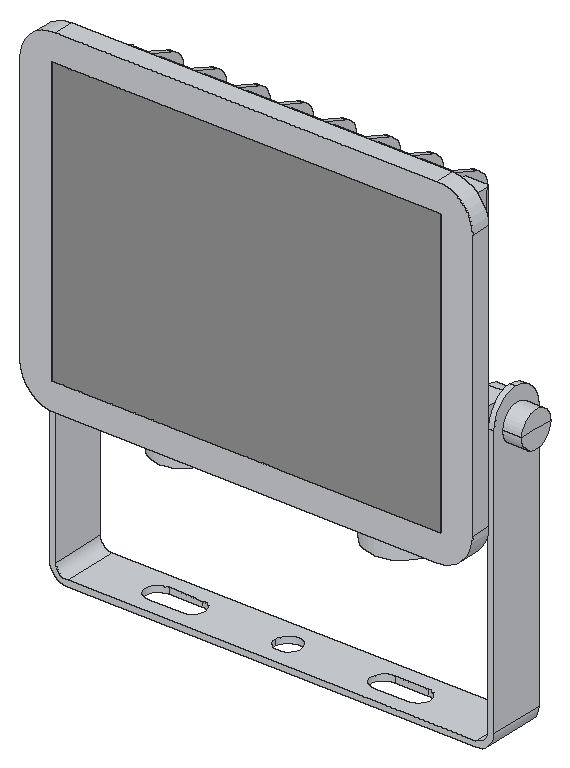
Revit family "00 - Copy (2)", category Lighting Fixtures, Revit 2017
Family settings
  Round Connector Dimension = Use Diameter
  Part Type = Normal
  OmniClass Number = 23.80.70.00
  OmniClass Title = Lighting
  Work Plane-Based = No
  Always vertical = Yes
  Cut with Voids When Loaded = No
  Light Source = Yes
  Shared = No
  Room Calculation Point = No
Parameters (values of type "0050112 ST FLD FLT IP65 2000LM 840 WH")
  Weight = "2.34 kg"
  Wattage = 18 W
  WarrantyStartDate [instance] = "n/a"
  WarrantyGuarantorParts = "n/a"
  WarrantyDurationUnit = "n/a"
  WarrantyDurationParts = "n/a"
  WarrantyDescription = "n/a"
  built-in parameter 1150110 = 1 (stored number, unit not read)
  Voltage = 0 V
  URL = "http://www.sylvania-lighting.com"
  TypeName = "Start Flood Flat IP65 2000LM 840 White"
  built-in parameter 1114217 = 1 (stored number, unit not read)
  Tilt Angle = 0.00°
  built-in parameter 1150109 = 1 (stored number, unit not read)
  built-in parameter 1150134 = 12
  built-in parameter 1150113 = 1 (stored number, unit not read)
  SerialNumber [instance] = "n/a"
  PowerFactor = 0.9
  PowerConsumption = "18 W"
  Photometric Web File = "0050112.ies"
  NominalWidth = 0 mm
  NominalLength = 110 mm
  NominalHeight = 26 mm
  Name = "Start Flood Flat IP65 2000LM 840 White"
  ModelReference = "Start Flood Flat IP65 2000LM 840 White"
  ModelNumber = "0050112"
  Model = "Start Flood Flat IP65 2000LM 840 White"
  Material_4_FEILO = none
  Material_3_FEILO = none
  Material_2_FEILO = Default New Material
  Material_1_FEILO = none
  Material = "n/a"
  ManufacturerName = "Feilo Sylvania"
  Manufacturer = "Feilo Sylvania"
  LuminousEfficacy = "111 lm/W"
  Lumens = 1998 lm
  LuminaireType = ""
  built-in parameter 1150115 = 1 (stored number, unit not read)
  built-in parameter 1150105 = -1553644.8 (stored number, unit not read)
  LightOutputRatio = "n/a"
  built-in parameter 1150137 = (empty or 0)
  built-in parameter 1150139 = (empty or 0)
  LampsType = "LED"
  LampNominalLuminous = "2000 lm"
  LampMacAdamStep = "5"
  LampColourTemperature = "4000 K"
  LampColourRenderingIndex = "80"
  built-in parameter 1150112 = 1 (stored number, unit not read)
  built-in parameter 1150114 = 1 (stored number, unit not read)
  Lamp = "LED"
  LUM_WIDTH_SYL = 57 mm  # constant formula
  LUM_HEIGHT_SYL = 43 mm  # constant formula
  LUM_EXTR_ST_SYL = -5 mm
  LUM_EXTR_END_SYL = 0 mm
  LUM_DEPTH_SYL = 28 mm
  Keynote = "16500"
  InstallationDate [instance] = "n/a"
  InputVoltage = "n/a"
  InputNominalFrequency = "n/a"
  built-in parameter 1150132 = 2
  built-in parameter 1150102 = (empty or 0)
  built-in parameter 1150138 = (empty or 0)
  built-in parameter 1150107 = 4000 (stored number, unit not read)
  IngressProtection = "IP65"
  ImpactProtectionIndex = "IK06"
  built-in parameter 1150106 = -15536.4 (stored number, unit not read)
  IfcExportType = "IfcLightFixtureType"
  IfcExportAs = "IfcLightFixtureType"
  ElectricShockClassification = "Class I"
  built-in parameter 1150104 = 10.312 (stored number, unit not read)
  DocumentationLiterature = "http://www.sylvania-lighting.com/product/en-int/products/0050112"
  DimmingControlOptions = "n/a"
  Dimming Lamp Color Temperature Shift = <None>
  DIF_WIDTH_SYL = 49 mm  # constant formula
  DIF_HEIGHT_SYL = 36 mm  # constant formula
  CreatedOn = "12/2/2020"
  CreatedBy = "@sylvania-lighting.com"
  Color Filter = 16777215
  ClassificationValue = "EF_70_80"
  ClassificationName = "Uniclass2015"
  CABLE_SIDE_DIST_SYL = 28.5 mm
  CABLE_LENGTH_SYL = 5 mm
  CABLE_FRONT_DIST_SYL = 17.5 mm
  CABLES_DIST_SYL = 56 mm
  BarCode [instance] = "n/a"
  built-in parameter 1114218 = 1 (stored number, unit not read)
  B_RAIL_R_DIST_SYL = 7 mm
  B_RAIL_HEIGHT_SYL = 27 mm
  B_RAIL_DEPTH_SYL = 44 mm
  B_RAIL_CHAMFER_SYL = 7 mm
  BRACKET_HOLDER_WIDTH_SYL = 12 mm
  BRACKET_HOLDER_HEIGHT_SYL = 17 mm
  BRACKET_HOLDER_DIST_SIDE_SYL = 2.8 mm
  BRACKET_HOLDER_DIST_BOTT_SYL = 22 mm
  BRACKET_HOLDER_DEPTH_SYL = 5.7 mm
  BOX_WIDTH_SYL = 45.5 mm
  BOX_TOP_DIST_SYL = 10.5 mm
  BOX_DEPTH_SYL = 14 mm
  BOX_BOTT_DIST_SYL = 28 mm
  BACK_RAIL_WIDTH_SYL = 1.4 mm
  BACK_RAIL_SIDE_DIST_SYL = 18 mm
  BACK_PL_EXTR_ST_SYL = -6 mm
  BACK_PL_EXTR_ST(-1)_SYL = BACK_PL_EXTR_ST_SYL * (-1)  # 6 mm
  BACK_PL_EXTR_END_SYL = -3 mm
  BACK_PL_EXTR_END(-1)_SYL = BACK_PL_EXTR_END_SYL * (-1)  # 3 mm
  built-in parameter 1150133 = 10 (stored number, unit not read)
  AssetType = "Fixed"
  AssetIdentifier [instance] = "n/a"
  Assembly Code = "D5020200"
  Apparent Load = 18 VA
  0_18W_SYL = yes
Types (5, lengths in mm): name | TypeName | built-in parameter 1150134 | Photometric Web File | Name | ModelReference | ModelNumber | Model | LuminousEfficacy | Lumens | built-in parameter 1150105 | LampNominalLuminous | LampColourTemperature | built-in parameter 1150107 | built-in parameter 1150106 | built-in parameter 1150104 | DocumentationLiterature
  0050152 ST FLD FLT IP65 2000LM 865 BK | "Start Flood Flat IP65 2000LM 865 Black" | 1 | "0050152.ies" | "Start Flood Flat IP65 2000LM 865 Black" | "Start Flood Flat IP65 2000LM 865 Black" | "0050152" | "Start Flood Flat IP65 2000LM 865 Black" | "111 lm/W" | 1998 lm | -1553644.8 (stored number, unit not read) | "2000 lm" | "6500 K" | 6500 (stored number, unit not read) | -15536.4 (stored number, unit not read) | 10.312 (stored number, unit not read) | "http://www.sylvania-lighting.com/product/en-int/products/0050152"
  0050112 ST FLD FLT IP65 2000LM 840 WH | "Start Flood Flat IP65 2000LM 840 White" | 12 | "0050112.ies" | "Start Flood Flat IP65 2000LM 840 White" | "Start Flood Flat IP65 2000LM 840 White" | "0050112" | "Start Flood Flat IP65 2000LM 840 White" | "111 lm/W" | 1998 lm | -1553644.8 (stored number, unit not read) | "2000 lm" | "4000 K" | 4000 (stored number, unit not read) | -15536.4 (stored number, unit not read) | 10.312 (stored number, unit not read) | "http://www.sylvania-lighting.com/product/en-int/products/0050112"
  0050111 ST FLD FLT IP65 1850LM 830 WH | "Start Flood Flat IP65 1850LM 830 White" | (empty or 0) | "0050111.ies" | "Start Flood Flat IP65 1850LM 830 White" | "Start Flood Flat IP65 1850LM 830 White" | "0050111" | "Start Flood Flat IP65 1850LM 830 White" | "103 lm/W" | 1854 lm | -1333545.1 (stored number, unit not read) | "1850 lm" | "3000 K" | 3000 (stored number, unit not read) | -13335.5 (stored number, unit not read) | 9.569 (stored number, unit not read) | "http://www.sylvania-lighting.com/product/en-int/products/0050111"
  0050110 ST FLD FLT IP65 2000LM 840 BK | "Start Flood Flat IP65 2000LM 840 Black" | 12 | "0050110.ies" | "Start Flood Flat IP65 2000LM 840 Black" | "Start Flood Flat IP65 2000LM 840 Black" | "0050110" | "Start Flood Flat IP65 2000LM 840 Black" | "111 lm/W" | 1998 lm | -1553644.8 (stored number, unit not read) | "2000 lm" | "4000 K" | 4000 (stored number, unit not read) | -15536.4 (stored number, unit not read) | 10.312 (stored number, unit not read) | "http://www.sylvania-lighting.com/product/en-int/products/0050110"
  0050109 ST FLD FLT IP65 1850LM 830 BK | "Start Flood Flat IP65 1850LM 830 Black" | (empty or 0) | "0050109.ies" | "Start Flood Flat IP65 1850LM 830 Black" | "Start Flood Flat IP65 1850LM 830 Black" | "0050109" | "Start Flood Flat IP65 1850LM 830 Black" | "103 lm/W" | 1854 lm | -1333545.1 (stored number, unit not read) | "1850 lm" | "3000 K" | 3000 (stored number, unit not read) | -13335.5 (stored number, unit not read) | 9.569 (stored number, unit not read) | "http://www.sylvania-lighting.com/product/en-int/products/0050109"
Reference planes
  plane 1 "Light Source Axis (F/B)": y = 0
  plane 2: z = 0
  plane 3 "Light Source Axis (L/R)": x = 0
  plane 4 "Light Source Elevation": z = -0.469
  plane 5: x = 57
  plane 6: x = -57
  plane 7: z = 43
  plane 8: z = -43
  plane 9: x = 49
  plane 10: x = -49
  plane 11: z = 36
  plane 12: z = -36
  plane 13: y = 6
  plane 14: y = 3
  plane 15: x = -45.5
  plane 16: x = 45.5
  plane 17: y = 20
  plane 18: z = 32.5
  plane 19: z = -15
  plane 20: y = 28
  plane 21: z = -21
  plane 22: z = -9
  plane 23: y = 21
  plane 24: x = 54.2
  plane 25: x = 39.5
  plane 26: x = 28.5
  plane 27: x = -27.5
  plane 28: y = 14
  plane 29: z = -38
  plane 30: y = 27
  plane 31: z = 29
  plane 32: z = 22
  plane 33: x = 39
  plane 34: x = 37.6
  plane 35: x = 30.6
  plane 36: x = 20.8
  plane 37: x = 13.8
  plane 38: x = 12.4
  plane 39: x = 5.4
  plane 40: x = 4
  plane 41: z = -50.4
Forms (mm)
  Extrusion 1, solid
    sketch origin (0, 0, 0) x (1, 0, 0) y (0, 0, 1)
      loop
        arc (-48, 43) -> (-54.364, 40.364) -> (-57, 34) r 9
        line (-57, 34) -> (-57, -34)
        arc (-57, -34) -> (-54.364, -40.364) -> (-48, -43) r 9
        line (-48, -43) -> (48, -43)
        arc (48, -43) -> (54.364, -40.364) -> (57, -34) r 9
        line (57, -34) -> (57, 34)
        arc (57, 34) -> (54.364, 40.364) -> (48, 43) r 9
        line (48, 43) -> (-48, 43)
      loop
        line (-49, 36) -> (-49, -36) -> (49, -36) -> (49, 36) -> (-49, 36)
    from -5 <- "LUM_EXTR_ST_SYL" to 0 <- "LUM_EXTR_END_SYL"
  Extrusion 2, solid, material "Default New Material" <- "Material_2_FEILO"
    sketch origin (0, 0, 0) x (1, 0, 0) y (0, 0, 1)
      loop
        line (-49, 36) -> (-49, -36) -> (49, -36) -> (49, 36) -> (-49, 36)
    from -3 <- "BACK_PL_EXTR_END_SYL" to 0 <- "LUM_EXTR_END_SYL"
  Extrusion 3, solid
    sketch origin (0, 0, 0) x (1, 0, 0) y (0, 0, 1)
      loop
        line (49, 36) -> (-49, 36) -> (-49, -36) -> (49, -36) -> (49, 36)
    from -6 <- "BACK_PL_EXTR_ST_SYL" to -3 <- "BACK_PL_EXTR_END_SYL"
  Extrusion 4, solid
    sketch origin (0, 0, 0) x (1, 0, 0) y (0, 1, 0)
      loop
        arc (-44.5, 20) -> (-45.207, 19.707) -> (-45.5, 19) r 1
        line (-45.5, 19) -> (-45.5, 6) -> (45.5, 6) -> (45.5, 19)
        arc (45.5, 19) -> (45.207, 19.707) -> (44.5, 20) r 1
        line (44.5, 20) -> (-44.5, 20)
    from -15 to 32.5
  Extrusion 5, solid
    sketch origin (0, 0, 0) x (1, 0, 0) y (0, 1, 0)
      loop
        arc (-31.5, 28) -> (-41.399, 23.899) -> (-45.5, 14) r 14
        line (-45.5, 14) -> (-45.5, 6) -> (45.5, 6) -> (45.5, 14)
        arc (45.5, 14) -> (41.399, 23.899) -> (31.5, 28) r 14
        line (31.5, 28) -> (-31.5, 28)
    from -36 to -15
  Extrusion 6, solid
    sketch origin (0, 0, 0) x (0, 1, 0) y (0, 0, 1)
      loop
        line (5, -9) -> (5, -21) -> (15, -21)
        arc (15, -21) -> (19.243, -19.243) -> (21, -15) r 6
        arc (21, -15) -> (19.243, -10.757) -> (15, -9) r 6
        line (15, -9) -> (5, -9)
      loop
        circle (15, -15) r 2.5
    from 49 to 54.502
  Extrusion 7, solid
    sketch origin (0, 0, 0) x (1, 0, 0) y (0, 1, 0)
      loop
        circle (-27.5, 14) r 7
      loop
        circle (28.5, 14) r 9
    from -50.4 to -36
  Extrusion 8, solid
    sketch origin (1.583, 5.639, -10.469) x (0, 1, 0) y (0, 0, -1)
      loop
        line (-0.625, 4.531) -> (-0.625, -22) -> (-0.625, -49.48) -> (18.047, -42.313)
        arc (18.047, -42.313) -> (20.09, -40.922) -> (21.299, -38.767) r 5.397
        line (21.299, -38.767) -> (21.299, 4.531) -> (-0.625, 4.531)
    from -37.417 to -36.017
  Extrusion 9, solid
    sketch origin (0, 0, 0) x (0, 1, 0) y (0, 0, -1)
      loop
        line (5, 9) -> (15, 9)
        arc (15, 9) -> (19.243, 10.757) -> (21, 15) r 6
        arc (21, 15) -> (19.243, 19.243) -> (15, 21) r 6
        line (15, 21) -> (5, 21) -> (5, 9)
      loop
        circle (15, 15) r 2.5
    from 49 to 54.502
  Extrusion 10, solid
    sketch origin (-1.583, 5.639, -10.469) x (0, 1, 0) y (0, 0, 1)
      loop
        line (-0.625, -4.531) -> (21.299, -4.531) -> (21.299, 38.767)
        arc (21.299, 38.767) -> (20.09, 40.922) -> (18.047, 42.313) r 5.397
        line (18.047, 42.313) -> (-0.625, 49.48) -> (-0.625, 22) -> (-0.625, -4.531)
    from -37.417 to -36.017
  Extrusion 11, solid
    sketch origin (-75.017, 5.639, -10.469) x (0, 1, 0) y (0, 0, -1)
      loop
        line (-0.625, 4.531) -> (-0.625, -22) -> (-0.625, -49.48) -> (18.047, -42.313)
        arc (18.047, -42.313) -> (20.09, -40.922) -> (21.299, -38.767) r 5.397
        line (21.299, -38.767) -> (21.299, 4.531) -> (-0.625, 4.531)
    from -37.417 to -36.017
  Extrusion 12, solid
    sketch origin (-9.36, 5.639, -10.469) x (0, 1, 0) y (0, 0, -1)
      loop
        line (-0.625, 4.531) -> (-0.625, -22) -> (-0.625, -49.48) -> (18.047, -42.313)
        arc (18.047, -42.313) -> (20.09, -40.922) -> (21.299, -38.767) r 5.397
        line (21.299, -38.767) -> (21.299, 4.531) -> (-0.625, 4.531)
    from -37.417 to -36.017
  Extrusion 13, solid
    sketch origin (-20.302, 5.639, -10.469) x (0, 1, 0) y (0, 0, -1)
      loop
        line (-0.625, 4.531) -> (-0.625, -22) -> (-0.625, -49.48) -> (18.047, -42.313)
        arc (18.047, -42.313) -> (20.09, -40.922) -> (21.299, -38.767) r 5.397
        line (21.299, -38.767) -> (21.299, 4.531) -> (-0.625, 4.531)
    from -37.417 to -36.017
  Extrusion 14, solid
    sketch origin (-31.245, 5.639, -10.469) x (0, 1, 0) y (0, 0, -1)
      loop
        line (-0.625, 4.531) -> (-0.625, -22) -> (-0.625, -49.48) -> (18.047, -42.313)
        arc (18.047, -42.313) -> (20.09, -40.922) -> (21.299, -38.767) r 5.397
        line (21.299, -38.767) -> (21.299, 4.531) -> (-0.625, 4.531)
    from -37.417 to -36.017
  Extrusion 15, solid
    sketch origin (-42.188, 5.639, -10.469) x (0, 1, 0) y (0, 0, -1)
      loop
        line (-0.625, 4.531) -> (-0.625, -22) -> (-0.625, -49.48) -> (18.047, -42.313)
        arc (18.047, -42.313) -> (20.09, -40.922) -> (21.299, -38.767) r 5.397
        line (21.299, -38.767) -> (21.299, 4.531) -> (-0.625, 4.531)
    from -37.417 to -36.017
  Extrusion 16, solid
    sketch origin (-53.131, 5.639, -10.469) x (0, 1, 0) y (0, 0, -1)
      loop
        line (-0.625, 4.531) -> (-0.625, -22) -> (-0.625, -49.48) -> (18.047, -42.313)
        arc (18.047, -42.313) -> (20.09, -40.922) -> (21.299, -38.767) r 5.397
        line (21.299, -38.767) -> (21.299, 4.531) -> (-0.625, 4.531)
    from -37.417 to -36.017
  Extrusion 17, solid
    sketch origin (-64.074, 5.639, -10.469) x (0, 1, 0) y (0, 0, -1)
      loop
        line (-0.625, 4.531) -> (-0.625, -22) -> (-0.625, -49.48) -> (18.047, -42.313)
        arc (18.047, -42.313) -> (20.09, -40.922) -> (21.299, -38.767) r 5.397
        line (21.299, -38.767) -> (21.299, 4.531) -> (-0.625, 4.531)
    from -37.417 to -36.017
Cuts and joins
  joined: Extrusion 1, Extrusion 3, Extrusion 4, Extrusion 5
Dimensions and locks
  "LUM_WIDTH_SYL": plane 5 to plane 3 "Light Source Axis (L/R)" to plane 6
  "LUM_HEIGHT_SYL": plane 7 to plane 2 to plane 8
  "DIF_WIDTH_SYL": plane 9 to plane 3 "Light Source Axis (L/R)" to plane 10
  "DIF_HEIGHT_SYL": plane 11 to plane 2 to plane 12
  "BACK_PL_EXTR_ST(-1)_SYL": plane 1 "Light Source Axis (F/B)" to plane 13
  "BACK_PL_EXTR_END(-1)_SYL": plane 1 "Light Source Axis (F/B)" to plane 14
  "BOX_WIDTH_SYL": plane 15 to plane 3 "Light Source Axis (L/R)" to plane 16
  "BOX_DEPTH_SYL": plane 13 to plane 17
  "BOX_TOP_DIST_SYL": plane 18 to plane 7
  "BOX_BOTT_DIST_SYL": plane 8 to plane 19
  "LUM_DEPTH_SYL": plane 1 "Light Source Axis (F/B)" to plane 20
  "BRACKET_HOLDER_DIST_BOTT_SYL": plane 21 to plane 8
  "BRACKET_HOLDER_WIDTH_SYL": plane 22 to plane 21
  cut or joined group of Extrusion 1, Extrusion 3, Extrusion 4, Extrusion 5 to plane 23 = 15 mm
  locked: cut or joined group of Extrusion 1, Extrusion 3, Extrusion 4, Extrusion 5 to plane 24 at 2.8
  plane 25 to plane 24 = 14.7 mm
  "CABLES_DIST_SYL": plane 27 to plane 26
  "CABLE_SIDE_DIST_SYL": plane 26 to plane 5
  cut or joined group of Extrusion 1, Extrusion 3, Extrusion 4, Extrusion 5 to plane 28 = 14 mm
  locked: cut or joined group of Extrusion 1, Extrusion 3, Extrusion 4, Extrusion 5 to plane 29 at 5
  "B_RAIL_HEIGHT_SYL": plane 30 to plane 1 "Light Source Axis (F/B)"
  "B_RAIL_DEPTH_SYL": plane 31 to plane 19
  "B_RAIL_CHAMFER_SYL": plane 31 to plane 32
  "BACK_RAIL_SIDE_DIST_SYL": plane 5 to plane 33
  "BACK_RAIL_WIDTH_SYL": plane 33 to plane 34
  "B_RAIL_R_DIST_SYL": plane 34 to plane 35
  "B_RAIL_R_DIST_SYL": plane 36 to plane 37
  "BACK_RAIL_WIDTH_SYL": plane 37 to plane 38
  "BACK_RAIL_WIDTH_SYL": plane 39 to plane 40
  "B_RAIL_R_DIST_SYL": plane 38 to plane 39
  plane 35 to plane 26 = 2.1 mm
  equal spacing: group 2, group 8, group 7, group 6, group 5, group 4, group 3, group 1
  equal spacing: group 1, group 3, group 4, group 5, group 6, group 7, group 8, group 2  (x2)
  aligned and locked: plane 4 "Light Source Elevation" to imposter light
  aligned and locked: level to plane 2
  aligned and locked: Extrusion 1 sketch curve to plane 7
  aligned and locked: plane 6 to Extrusion 1 sketch curve
  aligned and locked: plane 8 to Extrusion 1 sketch curve
  aligned and locked: Extrusion 1 sketch curve to plane 5
  aligned and locked: Extrusion 1 sketch curve to plane 11
  aligned and locked: plane 10 to Extrusion 1 sketch curve
  aligned and locked: plane 12 to Extrusion 1 sketch curve
  aligned and locked: Extrusion 1 sketch curve to plane 9
  aligned and locked: Extrusion 2 sketch curve to Extrusion 1  (x4)
  aligned and locked: Extrusion 3 sketch curve to Extrusion 1  (x4)
  aligned and locked: Extrusion 3 to Extrusion 2
  aligned and locked: plane 17 to Extrusion 4 sketch curve
  aligned and locked: plane 15 to Extrusion 4 sketch curve
  aligned and locked: Extrusion 4 sketch curve to plane 13
  aligned and locked: Extrusion 4 sketch curve to plane 16
  aligned and locked: plane 18 to Extrusion 4
  aligned and locked: Extrusion 4 to plane 19
  aligned and locked: plane 20 to Extrusion 5 sketch curve
  aligned and locked: plane 15 to Extrusion 5 sketch curve
  aligned and locked: cut or joined group of Extrusion 1, Extrusion 3, Extrusion 4, Extrusion 5 to Extrusion 5 sketch curve
  aligned and locked: Extrusion 5 sketch curve to cut or joined group of Extrusion 1, Extrusion 3, Extrusion 4, Extrusion 5
  aligned and locked: plane 19 to Extrusion 5
  aligned and locked: Extrusion 5 to plane 12
  aligned and locked: Extrusion 6 sketch curve to plane 22
  aligned and locked: plane 21 to Extrusion 6 sketch curve
  aligned and locked: Extrusion 7 to Extrusion 2
  aligned and locked: Extrusion 6 to cut or joined group of Extrusion 1, Extrusion 3, Extrusion 4, Extrusion 5
  aligned and locked: plane 33 to Extrusion 8
  aligned and locked: Extrusion 8 to plane 34
  aligned and locked: Extrusion 7 to plane 41
Automatic sketch dimensions
  plane 10 to Extrusion 1 sketch curve = 1 mm  (x2)
  Extrusion 1 sketch curve to plane 25 = 8.5 mm  (x2)
  plane 15 to Extrusion 4 sketch curve = 1 mm
  Extrusion 4 sketch curve to plane 16 = 1 mm
  Extrusion 5 sketch curve to plane 15 = 0 mm
  Extrusion 5 sketch curve to plane 28 = 0 mm  (x2)
  Extrusion 6 sketch curve to Extrusion 6 sketch curve = 0 mm  (x5)
  Extrusion 6 sketch curve to plane 23 = 0 mm
  plane 13 to Extrusion 6 sketch curve = 1 mm
  Extrusion 7 sketch curve to plane 27 = 0 mm
  Extrusion 7 sketch curve to plane 26 = 0 mm
  Extrusion 7 sketch curve to plane 28 = 0 mm  (x2)
  Extrusion 9 sketch curve to Extrusion 9 sketch curve = 0 mm  (x6)
  Extrusion 9 sketch curve to plane 21 = 0 mm
  Extrusion 9 sketch curve to plane 22 = 0 mm
  Extrusion 9 sketch curve to plane 23 = 0 mm
  plane 13 to Extrusion 9 sketch curve = 1 mm
  Extrusion 10 sketch curve to plane 19 = 0 mm
  plane 13 to Extrusion 10 sketch curve = 0.986 mm
  Extrusion 10 sketch curve to plane 23 = 0.751 mm
  Extrusion 10 sketch curve to plane 18 = 0.656 mm
  Extrusion 10 sketch curve to plane 23 = 2.685 mm
  plane 30 to Extrusion 10 sketch curve = 0.062 mm
  Extrusion 10 sketch curve to plane 32 = 10.469 mm
  Extrusion 10 sketch curve to plane 31 = 2.195 mm
  Extrusion 8 sketch curve to Extrusion 8 sketch curve = 16.737 mm
  Extrusion 8 sketch curve to Extrusion 8 sketch curve = 1.934 mm
  Extrusion 8 sketch curve to Extrusion 8 sketch curve = 21.924 mm
  Extrusion 8 sketch curve to Extrusion 8 sketch curve = 7.167 mm
  Extrusion 8 sketch curve to Extrusion 8 sketch curve = 15.274 mm
  Extrusion 8 sketch curve to Extrusion 8 sketch curve = 26.531 mm
  Extrusion 11 sketch curve to Extrusion 11 sketch curve = 16.737 mm
  Extrusion 11 sketch curve to Extrusion 11 sketch curve = 1.934 mm
  Extrusion 11 sketch curve to Extrusion 11 sketch curve = 21.924 mm
  Extrusion 11 sketch curve to Extrusion 11 sketch curve = 7.167 mm
  Extrusion 11 sketch curve to Extrusion 11 sketch curve = 15.274 mm
  Extrusion 11 sketch curve to Extrusion 11 sketch curve = 26.531 mm
  Extrusion 12 sketch curve to Extrusion 12 sketch curve = 16.737 mm
  Extrusion 12 sketch curve to Extrusion 12 sketch curve = 1.934 mm
  Extrusion 12 sketch curve to Extrusion 12 sketch curve = 21.924 mm
  Extrusion 12 sketch curve to Extrusion 12 sketch curve = 7.167 mm
  Extrusion 12 sketch curve to Extrusion 12 sketch curve = 15.274 mm
  Extrusion 12 sketch curve to Extrusion 12 sketch curve = 26.531 mm
  Extrusion 13 sketch curve to Extrusion 13 sketch curve = 16.737 mm
  Extrusion 13 sketch curve to Extrusion 13 sketch curve = 1.934 mm
  Extrusion 13 sketch curve to Extrusion 13 sketch curve = 21.924 mm
  Extrusion 13 sketch curve to Extrusion 13 sketch curve = 7.167 mm
  Extrusion 13 sketch curve to Extrusion 13 sketch curve = 15.274 mm
  Extrusion 13 sketch curve to Extrusion 13 sketch curve = 26.531 mm
  Extrusion 14 sketch curve to Extrusion 14 sketch curve = 16.737 mm
  Extrusion 14 sketch curve to Extrusion 14 sketch curve = 1.934 mm
  Extrusion 14 sketch curve to Extrusion 14 sketch curve = 21.924 mm
  Extrusion 14 sketch curve to Extrusion 14 sketch curve = 7.167 mm
  Extrusion 14 sketch curve to Extrusion 14 sketch curve = 15.274 mm
  Extrusion 14 sketch curve to Extrusion 14 sketch curve = 26.531 mm
  Extrusion 15 sketch curve to Extrusion 15 sketch curve = 16.737 mm
  Extrusion 15 sketch curve to Extrusion 15 sketch curve = 1.934 mm
  Extrusion 15 sketch curve to Extrusion 15 sketch curve = 21.924 mm
  Extrusion 15 sketch curve to Extrusion 15 sketch curve = 7.167 mm
  Extrusion 15 sketch curve to Extrusion 15 sketch curve = 15.274 mm
  Extrusion 15 sketch curve to Extrusion 15 sketch curve = 26.531 mm
  Extrusion 16 sketch curve to Extrusion 16 sketch curve = 16.737 mm
  Extrusion 16 sketch curve to Extrusion 16 sketch curve = 1.934 mm
  Extrusion 16 sketch curve to Extrusion 16 sketch curve = 21.924 mm
  Extrusion 16 sketch curve to Extrusion 16 sketch curve = 7.167 mm
  Extrusion 16 sketch curve to Extrusion 16 sketch curve = 15.274 mm
  Extrusion 16 sketch curve to Extrusion 16 sketch curve = 26.531 mm
  Extrusion 17 sketch curve to Extrusion 17 sketch curve = 16.737 mm
  Extrusion 17 sketch curve to Extrusion 17 sketch curve = 1.934 mm
  Extrusion 17 sketch curve to Extrusion 17 sketch curve = 21.924 mm
  Extrusion 17 sketch curve to Extrusion 17 sketch curve = 7.167 mm
  Extrusion 17 sketch curve to Extrusion 17 sketch curve = 15.274 mm
  Extrusion 17 sketch curve to Extrusion 17 sketch curve = 26.531 mm
  radius of Extrusion 6 sketch curve = 2.5 mm
  radius of Extrusion 7 sketch curve = 7 mm
  radius of Extrusion 7 sketch curve = 9 mm
  radius of Extrusion 9 sketch curve = 2.5 mm
Nested families
  nested 1: "START Flood Flat - 18W_bracket" at (-1.484, 15.014, -49.447), type "START Flood Flat - 18W_bracket"
  nested 2: "bolt" at (56.016, 15.094, -14.947), type "bolt"
  nested 3: "bolt" at (-55.984, 15.066, -14.947) x (-1, 0, 0) z (0, 0, 1), type "bolt"
Definition of nested family "START Flood Flat - 18W_bracket"
  Parameters (values of type "START Flood Flat - 18W_bracket")
    WIDTH_SYL = 112 mm
    WIDTH/2_SYL = WIDTH_SYL / 2  # 56 mm
    THICKNESS_SYL = 1.5 mm
    Material_4_SYL = none
    Material_3_SYL = none
    Material_2_SYL = none
    Material_1_SYL = none
    HOLE_DIST_SYL = 8.5 mm
    HOLE2_DIST_SYL = 8 mm
    HEIGHT_SYL = 80 mm
    FILLET_SYL = 7 mm
    DEPTH_2_SYL = -7 mm
    DEPTH_1_SYL = 7 mm
    CUTOUT_DIST_SYL = 24.2 mm
  Reference planes
    plane 1 "Center (Front/Back)": y = 0
    plane 2: z = 0
    plane 3 "Center (Left/Right)": x = 0
    plane 4: x = -54.5
    plane 5: x = 57.5
    plane 6: z = -37.5
    plane 7: z = 42.5
    plane 8: x = -53
    plane 9: z = -36
    plane 10: x = 56
    plane 11: z = 34.5
    plane 12: z = 35.5
    plane 13: x = 24.2
    plane 14: x = -24.2
    plane 15: x = 32.7
    plane 16: x = -32.7
  Forms (mm)
    Extrusion 1, solid
      sketch origin (0, 0, 0) x (1, 0, 0) y (0, 0, 1)
        loop
          arc (-54.5, -33) -> (-53.182, -36.182) -> (-50, -37.5) r 4.5
          line (-50, -37.5) -> (53, -37.5)
          arc (53, -37.5) -> (56.182, -36.182) -> (57.5, -33) r 4.5
          line (57.5, -33) -> (57.5, 42.5) -> (56, 42.5) -> (56, -33)
          arc (56, -33) -> (55.121, -35.121) -> (53, -36) r 3
          line (53, -36) -> (-50, -36)
          arc (-50, -36) -> (-52.121, -35.121) -> (-53, -33) r 3
          line (-53, -33) -> (-53, 42.5) -> (-54.5, 42.5) -> (-54.5, -33)
      from -7 <- "DEPTH_2_SYL" to 7 <- "DEPTH_1_SYL"
    Extrusion 2, void
      sketch origin (0, 0, 0) x (0, 1, 0) y (0, 0, 1)
        loop
          circle (0, 34.5) r 3.15
      from -54.5 to 57.5
    Extrusion 3, void
      sketch origin (0, 0, 0) x (0, 1, 0) y (0, 0, 1)
        loop
          line (7, 35.5) -> (14.83, 48.08) -> (-15.17, 48.08) -> (-7, 35.5)
          arc (-7, 35.5) -> (-4.95, 40.45) -> (0, 42.5) r 7
          arc (0, 42.5) -> (4.95, 40.45) -> (7, 35.5) r 7
      from -54.5 to 57.5
    Extrusion 4, void
      sketch origin (0, 0, 0) x (1, 0, 0) y (0, 1, 0)
        loop
          circle (0, 0) r 3.25
        loop
          arc (-32.7, 3.25) -> (-35.95, 0) -> (-32.7, -3.25) r 3.25
          line (-32.7, -3.25) -> (-24.2, -3.25)
          arc (-24.2, -3.25) -> (-20.95, 0) -> (-24.2, 3.25) r 3.25
          line (-24.2, 3.25) -> (-32.7, 3.25)
        loop
          line (24.2, -3.25) -> (32.7, -3.25)
          arc (32.7, -3.25) -> (35.95, 0) -> (32.7, 3.25) r 3.25
          line (32.7, 3.25) -> (24.2, 3.25)
          arc (24.2, 3.25) -> (20.95, 0) -> (24.2, -3.25) r 3.25
      from -54.767 to -28.006
  Cuts and joins
    Extrusion 2, Extrusion 3, Extrusion 4 cuts Extrusion 1
  Dimensions and locks
    "THICKNESS_SYL": plane 8 to plane 4
    "THICKNESS_SYL": plane 5 to plane 10
    "WIDTH_SYL": plane 5 to plane 4
    "HEIGHT_SYL": plane 7 to plane 6
    "FILLET_SYL": plane 7 to plane 12
    "CUTOUT_DIST_SYL": plane 14 to plane 3 "Center (Left/Right)" to plane 13
    "HOLE_DIST_SYL": plane 16 to plane 14
    "HOLE_DIST_SYL": plane 13 to plane 15
    "HOLE2_DIST_SYL": plane 7 to plane 11
    "WIDTH/2_SYL": plane 3 "Center (Left/Right)" to plane 10
    aligned and locked: level to plane 2
    aligned and locked: plane 4 to Extrusion 1 sketch curve
    aligned and locked: plane 6 to Extrusion 1 sketch curve
    aligned and locked: Extrusion 1 sketch curve to plane 5
    aligned and locked: plane 8 to Extrusion 1 sketch curve
    aligned and locked: plane 9 to Extrusion 1 sketch curve
    aligned and locked: Extrusion 1 sketch curve to plane 10
    aligned and locked: plane 7 to Extrusion 1 sketch curve  (x2)
    aligned and locked: Extrusion 1 to Extrusion 2  (x2)
    aligned and locked: Extrusion 1 to Extrusion 3
    aligned and locked: Extrusion 3 to Extrusion 1
  Automatic sketch dimensions
    Extrusion 1 sketch curve to Extrusion 1 sketch curve = 0 mm
    plane 8 to Extrusion 1 sketch curve = 3 mm
    Extrusion 1 sketch curve to plane 10 = 3 mm
    Extrusion 1 sketch curve to Extrusion 1 sketch curve = 3 mm
    Extrusion 2 sketch curve to plane 1 "Center (Front/Back)" = 0 mm
    Extrusion 2 sketch curve to plane 11 = 0 mm
    Extrusion 3 sketch curve to Extrusion 3 sketch curve = 0 mm
    Extrusion 3 sketch curve to plane 12 = 0 mm
    Extrusion 3 sketch curve to plane 1 "Center (Front/Back)" = 0 mm
    Extrusion 3 sketch curve to plane 7 = 0 mm
    Extrusion 3 sketch curve to Extrusion 3 sketch curve = 8.17 mm
    plane 7 to Extrusion 3 sketch curve = 5.58 mm
    Extrusion 3 sketch curve to Extrusion 3 sketch curve = 7.83 mm
    plane 1 "Center (Front/Back)" to Extrusion 4 sketch curve = 0 mm  (x3)
    Extrusion 4 sketch curve to plane 16 = 0 mm
    Extrusion 4 sketch curve to plane 14 = 0 mm
    Extrusion 4 sketch curve to plane 3 "Center (Left/Right)" = 0 mm
    Extrusion 4 sketch curve to plane 13 = 0 mm
    Extrusion 4 sketch curve to plane 15 = 0 mm
    plane 1 "Center (Front/Back)" to Extrusion 4 sketch curve = 3.25 mm  (x2)
    radius of Extrusion 2 sketch curve = 3.15 mm
    radius of Extrusion 4 sketch curve = 3.25 mm
Definition of nested family "bolt"
  Parameters (values of type "bolt")
    Material_4_SYL = none
    Material_3_SYL = none
    Material_2_SYL = none
    Material_1_SYL = none
  Reference planes
    plane 1 "Center (Front/Back)": y = 0
    plane 2: z = 0
    plane 3 "Center (Left/Right)": x = 0
    plane 4: x = 5
    plane 5: x = -10
    plane 6: y = 2.5
    plane 7: y = -2.5
    plane 8: y = 4.5
    plane 9: y = -4.5
  Forms (mm)
    Revolve 1, solid
      sketch origin (0, 0, 0) x (1, 0, 0) y (0, 1, 0)
        loop
          line (5, 0) -> (-10, 0) -> (-10, -2.5) -> (0, -2.5) -> (0, -4.5) -> (5, -4.5) -> (5, 0)
        axis (5, 0) -> (-10, 0)
      angle from 0 to 360
  Dimensions and locks
    aligned and locked: level to plane 2
